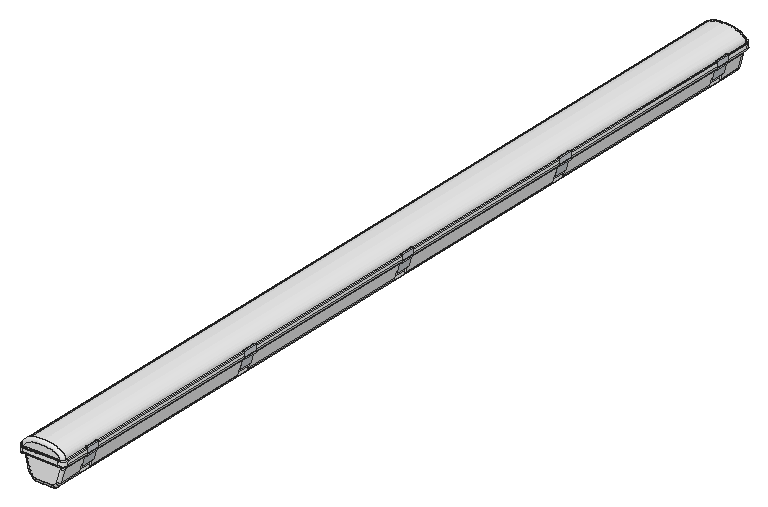
Revit family "0048807 Sylvania Lighting Fixture HYDROPROOF LED G3 1500MM S 4K D E3", category Lighting Fixtures, host Face, Revit 2016
Family settings
  Host = Face
  Part Type = Normal
  Round Connector Dimension = Use Diameter
  OmniClass Number = 23.80.70.11.14
  OmniClass Title = General Luminaries, Directional
  Cut with Voids When Loaded = No
  Light Source = Yes
  Shared = No
  Room Calculation Point = No
Parameters (values of type "0048807 HYDROPROOF LED G3 1500MM S 4K D E3")
  Width = 84 mm
  Weight = "2.62 kg"
  Wattage Comments = "n/a"
  Wattage = 34 W
  WarrantyStartDate [instance] = "n/a"
  WarrantyGuarantorParts = "n/a"
  WarrantyDurationUnit = "n/a"
  WarrantyDurationParts = "n/a"
  WarrantyDescription = "n/a"
  built-in parameter 1150110 = 1 (stored number, unit not read)
  Voltage = 230 V
  URL = "http://www.sylvania-lighting.com"
  TypeName = "HYDROPROOF LED G3 1500MM S 4K D E3"
  Type Image = <None>
  Type Comments = "n/a"
  built-in parameter 1114217 = 1 (stored number, unit not read)
  Tilt Angle = -90.00°
  built-in parameter 1150109 = 1 (stored number, unit not read)
  built-in parameter 1150134 = 12
  built-in parameter 1150113 = 1 (stored number, unit not read)
  SerialNumber [instance] = "n/a"
  ReflectorMaterial = none
  PowerFactor = 0
  PowerConsumption = "34 W"
  Photometric Web File = "0048807.ies"
  NominalWidth = 0 mm
  NominalLength = 1578 mm
  NominalHeight = 75 mm
  Name = "HYDROPROOF LED G3 1500MM S 4K D E3"
  ModelReference = "HYDROPROOF LED G3 1500MM S 4K D E3"
  ModelNumber = "0048807"
  Model = "HYDROPROOF LED G3 1500MM S 4K D E3"
  Material = "grp housing, pmma diffuser"
  ManufacturerName = "Feilo Sylvania"
  Manufacturer = "Feilo Sylvania"
  LuminousEfficacy = "145 lm/W"
  built-in parameter 1150105 = 392.32 (stored number, unit not read)
  Lumens = 4930 lm
  LuminaireType = ""
  built-in parameter 1150115 = 1 (stored number, unit not read)
  LightOutputRatio = "n/a"
  built-in parameter 1150137 = (empty or 0)
  built-in parameter 1150139 = (empty or 0)
  Length = 1572 mm
  LampsType = Lamp  # "LED"
  LampNominalLuminous = "4950 lm"
  LampMacAdamStep = "3"
  LampColourTemperature = "4000 K"
  LampColourRenderingIndex = "80"
  built-in parameter 1150112 = 1 (stored number, unit not read)
  built-in parameter 1150114 = 1 (stored number, unit not read)
  Lamp = "LED"
  Keynote = "16500"
  InstallationDate [instance] = "n/a"
  InputVoltage = "220-240V~"
  InputNominalFrequency = "DC/50/60 Hz"
  built-in parameter 1150132 = (empty or 0)
  built-in parameter 1150102 = (empty or 0)
  built-in parameter 1150107 = 4000 (stored number, unit not read)
  built-in parameter 1150138 = (empty or 0)
  IngressProtection = "IP65"
  ImpactProtectionIndex = "IK02"
  built-in parameter 1150106 = 3.9232 (stored number, unit not read)
  IfcExportType = "IfcLightFixtureType"
  IfcExportAs = "IfcLightFixtureType"
  ExpectedLife = 50000
  Emit from Rectangle Width = Width - 20 mm  # 64 mm
  Emit from Rectangle Length = Length - 20 mm  # 1552 mm
  Emit Shape Visible in Rendering = no
  ElectricShockClassification = "Class I"
  built-in parameter 1150104 = 13.471 (stored number, unit not read)
  DurationUnit = "hours"
  DocumentationLiterature = "http://www.sylvania-lighting.com/product/en-int/products/0048807"
  DimmingControlOptions = "Dimmable"
  Dimming Lamp Color Temperature Shift = <None>
  DiffuserMaterial = Diffuser-Sylvania-Transparent
  Description = "Hydroproof, integrated LED chemical resistant weatherproof luminaire, with UV stabilized flat diffuser and linear prisms designed to achieve uniform lit appearance, optimise light output and to reduce glare, stainless steel diffuser clips and fixing brackets for surface and wall mounting. L 1578 mm x W 84 mm x H 75 mm size, GRP housing, PMMA diffuser, DALI dimmable, 3 hour emergency, 4000K, CRI80,  4950 lm, 34 W, 145 lm/W, nominal average life (h):50000, energy class: A++ A+ A Class I,IK02, IP65."
  Default Elevation = 1219.2 mm
  CreatedOn = "3/27/2018"
  CreatedBy = "aron.fodor@feilosylvania.com"
  Cost = 0
  Color Filter = 16777215
  built-in parameter 1114216 [instance] = (empty or 0)
  ClassificationValue = "EF_70_80"
  ClassificationName = "Uniclass2015"
  BodyMaterial = Body-Sylvania-Gray
  BarCode [instance] = "n/a"
  built-in parameter 1114218 = 1 (stored number, unit not read)
  built-in parameter 1150133 = 10 (stored number, unit not read)
  AssetType = "Fixed"
  AssetIdentifier [instance] = "n/a"
  Assembly Code = "D5020200"
  Apparent Load = 34 VA
  AccessoryMaterial = Diffuser-Sylvania-Glow
Types (2, lengths in mm): name | Wattage | PowerConsumption | Photometric Web File | built-in parameter 1150105 | Lumens | LampNominalLuminous | built-in parameter 1150106 | Apparent Load
  0048807 HYDROPROOF LED G3 1500MM S 4K D E3 | 34 W | "34 W" | "0048807.ies" | 392.32 (stored number, unit not read) | 4930 lm | "4950 lm" | 3.9232 (stored number, unit not read) | 34 VA
  0048807 HYDROPROOF LED G3 1500MM S 4K D E3 Emergency mode | 1.65517 W | "1.65 W" | "0048807EM.ies" | 19.099 (stored number, unit not read) | 240 lm | "240 lm" | 0.19099 (stored number, unit not read) | 1.65517 VA
Reference planes
  plane 1 "Center (Front/Back)": y = 0
  plane 2: z = 0
  plane 3 "Center (Left/Right)": x = 0
  plane 4: z = 54
  plane 5: x = -14.7
  plane 6: x = -21.8
  plane 7: x = -26.6
  plane 8: x = -29.2
  plane 9: z = 3
  plane 10: z = 7.8
  plane 11: z = 12.3
  plane 12: z = 36.6
  plane 13: z = 42.8
  plane 14: x = -38.1
  plane 15: z = 46.2
  plane 16: x = -42
  plane 17: y = 786
  plane 18: y = -786
  plane 19: x = 14.7
  plane 20: x = 21.8
  plane 21: x = 26.6
  plane 22: x = 29.2
  plane 23: x = 38.1
  plane 24: x = 42
  plane 25: y = 778.4
  plane 26: y = -778.4
  plane 27: y = -774.7
  plane 28: y = 774.7
  plane 29: z = 74
  plane 30: x = -38.5
  plane 31: x = 38.5
  plane 32: z = 55.2
  plane 33: y = -782.5
  plane 34: y = 782.5
  plane 35: x = -24.5
  plane 36: x = 24.5
  plane 37: x = -35.7
  plane 38: x = 35.7
  plane 39: z = 50.2
  plane 40: z = 24.6
  plane 41: y = -720
  plane 42: y = -734
  plane 43: y = -706
  plane 44: y = 720
  plane 45: y = -720
  plane 46: y = -734
  plane 47: y = -706
  plane 48: y = 720
  plane 49: y = 706
  plane 50: y = 734
  plane 51: y = -360
  plane 52: y = -374
  plane 53: y = -346
  plane 54: y = 0
  plane 55: y = -14
  plane 56: y = 14
  plane 57: y = 360
  plane 58: y = 346
  plane 59: y = 374
Forms (mm)
  Sweep 1, solid, material "Body-Sylvania-Gray" <- "BodyMaterial", detail levels medium+fine
    path origin (1223.4, -4572, 54) x (0, -1, 0) y (1, 0, 0)
      loop
        arc (-3796, -1265.4) -> (-3788.929, -1262.471) -> (-3786, -1255.4) r 10
        line (-3786, -1255.4) -> (-3786, -1191.4)
        arc (-3786, -1191.4) -> (-3788.929, -1184.329) -> (-3796, -1181.4) r 10
        line (-3796, -1181.4) -> (-5348, -1181.4)
        arc (-5348, -1181.4) -> (-5355.071, -1184.329) -> (-5358, -1191.4) r 10
        line (-5358, -1191.4) -> (-5358, -1255.4)
        arc (-5358, -1255.4) -> (-5355.071, -1262.471) -> (-5348, -1265.4) r 10
        line (-5348, -1265.4) -> (-3796, -1265.4)
    profile origin (-42, 0, 54) x (-1, 0, 0) y (0, 0, 1)
      loop
        line (0, 0) -> (-1, 0) -> (-1, -7.726)
        arc (-1, -7.726) -> (-1.994, -9.498) -> (-3.9, -10.2) r 2.937
        line (-3.9, -10.2) -> (-8.571, -10.2) -> (-8.571, -11.2) -> (-3.9, -11.2)
        arc (-3.9, -11.2) -> (-1.313, -10.231) -> (0, -7.8) r 3.937
        line (0, -7.8) -> (0, 0)
  Sweep 2, solid, material "Body-Sylvania-Gray" <- "BodyMaterial", detail levels medium+fine
    path origin (0, 0, 0) x (1, 0, 0) y (0, 0, 1)
      loop
        line (35.7, 42.8) -> (35.7, 36.6) -> (29.203, 12.31)
        arc (29.203, 12.31) -> (28.199, 9.884) -> (26.6, 7.8) r 10.052
        line (26.6, 7.8) -> (21.8, 3)
        arc (21.8, 3) -> (18.554, 0.781) -> (14.7, 0) r 9.902
        line (14.7, 0) -> (0, 0) -> (-14.7, 0)
        arc (-14.7, 0) -> (-18.554, 0.781) -> (-21.8, 3) r 9.902
        line (-21.8, 3) -> (-26.6, 7.8)
        arc (-26.6, 7.8) -> (-28.199, 9.884) -> (-29.203, 12.31) r 10.052
        line (-29.203, 12.31) -> (-35.7, 36.6) -> (-35.7, 42.8)
    profile origin (0, 0, 0) x (0, 0, -1) y (0, -1, 0)
      loop
        arc (0, 773.4) -> (-1.464, 776.936) -> (-5, 778.4) r 5
        line (-5, 778.4) -> (-7.8, 778.4) -> (-7.8, -778.4) -> (-5, -778.4)
        arc (-5, -778.4) -> (-1.464, -776.936) -> (0, -773.4) r 5
        line (0, -773.4) -> (0, 773.4)
  Extrusion 3, solid, material "Body-Sylvania-Gray" <- "BodyMaterial", detail levels medium+fine
    sketch origin (1524, 778.4, 1219.2) x (1, 0, 0) y (0, 0, 1)
      loop
        arc (-1545.668, -1204.874) -> (-1545.443, -1205.418) -> (-1545.085, -1205.885) r 2.252
        line (-1545.085, -1205.885) -> (-1540.231, -1210.738)
        arc (-1540.231, -1210.738) -> (-1539.534, -1211.227) -> (-1538.7, -1211.4) r 2.102
        line (-1538.7, -1211.4) -> (-1509.3, -1211.4)
        arc (-1509.3, -1211.4) -> (-1508.466, -1211.227) -> (-1507.769, -1210.738) r 2.102
        line (-1507.769, -1210.738) -> (-1502.915, -1205.885)
        arc (-1502.915, -1205.885) -> (-1502.557, -1205.418) -> (-1502.332, -1204.874) r 2.252
        line (-1502.332, -1204.874) -> (-1496.1, -1181.575) -> (-1496.1, -1176.4) -> (-1551.9, -1176.4) -> (-1551.9, -1181.575) -> (-1545.668, -1204.874)
    from 0 to 1556.8
  Sweep 4, solid, material "Diffuser-Sylvania-Transparent" <- "DiffuserMaterial", detail levels medium+fine
    path origin (0, 0, 0) x (1, 0, 0) y (0, 0, 1)
      loop
        spline (-38.5, 55.2) -> (-37.188, 60.066) -> (-33.342, 64.6) -> (-27.224, 68.494) -> (-19.25, 71.481) -> (-9.965, 73.359) -> (0, 74) -> (9.965, 73.359) -> (19.25, 71.481) -> (27.224, 68.494) -> (33.342, 64.6) -> (37.188, 60.066) -> (38.5, 55.2)
    profile origin (38.5, 0, 55.2) x (0, -1, 0) y (1, 0, 0)
      loop
        arc (782.5, -5.5) -> (780.889, -1.611) -> (777, 0) r 5.5
        line (777, 0) -> (-777, 0)
        arc (-777, 0) -> (-780.889, -1.611) -> (-782.5, -5.5) r 5.5
        line (-782.5, -5.5) -> (-782.5, -6.3) -> (-781.5, -6.3) -> (-781.5, -5.5)
        arc (-781.5, -5.5) -> (-780.182, -2.318) -> (-777, -1) r 4.5
        line (-777, -1) -> (777, -1)
        arc (777, -1) -> (780.182, -2.318) -> (781.5, -5.5) r 4.5
        line (781.5, -5.5) -> (781.5, -6.347) -> (782.5, -6.347) -> (782.5, -5.5)
  Extrusion 5, solid, material "Diffuser-Sylvania-Transparent" <- "DiffuserMaterial", detail levels medium+fine
    sketch origin (1524, -782.5, 1219.2) x (1, 0, 0) y (0, 0, 1)
      loop
        line (-1556.653, -1164) -> (-1491.347, -1164)
        spline (-1491.347, -1164) -> (-1491.939, -1161.945) -> (-1494.434, -1159.066) -> (-1499.342, -1155.96) -> (-1506.338, -1153.35) -> (-1514.799, -1151.648) -> (-1524, -1151.047) -> (-1533.201, -1151.648) -> (-1541.662, -1153.35) -> (-1548.658, -1155.96) -> (-1553.566, -1159.066) -> (-1556.061, -1161.945) -> (-1556.653, -1164)
    from 0 to -1
  Extrusion 6, solid, material "Diffuser-Sylvania-Transparent" <- "DiffuserMaterial", detail levels medium+fine
    sketch origin (1524, 782.5, 1219.2) x (1, 0, 0) y (0, 0, 1)
      loop
        spline (-1491.3, -1164) -> (-1491.898, -1161.922) -> (-1494.404, -1159.03) -> (-1499.322, -1155.918) -> (-1506.325, -1153.305) -> (-1514.793, -1151.602) -> (-1524, -1151) -> (-1533.207, -1151.602) -> (-1541.675, -1153.305) -> (-1548.678, -1155.918) -> (-1553.596, -1159.03) -> (-1556.102, -1161.922) -> (-1556.7, -1164)
        line (-1556.7, -1164) -> (-1491.3, -1164)
    from 0 to 1
  Extrusion 7, solid, material "Diffuser-Sylvania-Glow" <- "AccessoryMaterial", detail levels fine
    sketch origin (0, 0, 0) x (1, 0, 0) y (0, 0, 1)
      loop
        circle (0, 50.2) r 8
    from -774.7 to 774.7
  Extrusion 8, void
    sketch origin (0, -720, 2343.807) x (0, 0, -1) y (-1, 0, 0)
      loop
        line (2340.807, -24.5) -> (2331.507, -24.5) -> (2319.207, -29.2) -> (2319.207, -35.7) -> (2340.807, -35.7) -> (2340.807, -24.5)
      loop
        line (2340.807, 24.5) -> (2340.807, 35.7) -> (2319.207, 35.7) -> (2319.207, 29.2) -> (2331.507, 24.5) -> (2340.807, 24.5)
    from 14 to -14
  Extrusion 9, void, not visible
    sketch origin (0, -720, 2343.807) x (0, 0, -1) y (-1, 0, 0)
      loop
        line (2340.807, -24.5) -> (2331.507, -24.5) -> (2319.207, -29.2) -> (2319.207, -35.7) -> (2340.807, -35.7) -> (2340.807, -24.5)
      loop
        line (2340.807, 24.5) -> (2340.807, 35.7) -> (2319.207, 35.7) -> (2319.207, 29.2) -> (2331.507, 24.5) -> (2340.807, 24.5)
    from 14 to -14
  Extrusion 10, void
    sketch origin (0, 720, 2343.807) x (0, 0, -1) y (-1, 0, 0)
      loop
        line (2340.807, -24.5) -> (2331.507, -24.5) -> (2319.207, -29.2) -> (2319.207, -35.7) -> (2340.807, -35.7) -> (2340.807, -24.5)
      loop
        line (2340.807, 24.5) -> (2340.807, 35.7) -> (2319.207, 35.7) -> (2319.207, 29.2) -> (2331.507, 24.5) -> (2340.807, 24.5)
    from 14 to -14
  Extrusion 11, void
    sketch origin (0, -360, 2343.807) x (0, 0, -1) y (-1, 0, 0)
      loop
        line (2340.807, -24.5) -> (2331.507, -24.5) -> (2319.207, -29.2) -> (2319.207, -35.7) -> (2340.807, -35.7) -> (2340.807, -24.5)
      loop
        line (2340.807, 24.5) -> (2340.807, 35.7) -> (2319.207, 35.7) -> (2319.207, 29.2) -> (2331.507, 24.5) -> (2340.807, 24.5)
    from 14 to -14
  Extrusion 12, void
    sketch origin (0, 0, 2343.807) x (0, 0, -1) y (-1, 0, 0)
      loop
        line (2340.807, -24.5) -> (2331.507, -24.5) -> (2319.207, -29.2) -> (2319.207, -35.7) -> (2340.807, -35.7) -> (2340.807, -24.5)
      loop
        line (2340.807, 24.5) -> (2340.807, 35.7) -> (2319.207, 35.7) -> (2319.207, 29.2) -> (2331.507, 24.5) -> (2340.807, 24.5)
    from 14 to -14
  Extrusion 13, void
    sketch origin (0, 360, 2343.807) x (0, 0, -1) y (-1, 0, 0)
      loop
        line (2340.807, -24.5) -> (2331.507, -24.5) -> (2319.207, -29.2) -> (2319.207, -35.7) -> (2340.807, -35.7) -> (2340.807, -24.5)
      loop
        line (2340.807, 24.5) -> (2340.807, 35.7) -> (2319.207, 35.7) -> (2319.207, 29.2) -> (2331.507, 24.5) -> (2340.807, 24.5)
    from 14 to -14
  Extrusion 14, solid, material "Diffuser-Sylvania-Transparent" <- "DiffuserMaterial", detail levels medium+fine
    sketch origin (1223.4, -4572, 54) x (0, -1, 0) y (-1, 0, 0)
      loop
        arc (-5348, 1265.4) -> (-5355.071, 1262.471) -> (-5358, 1255.4) r 10
        line (-5358, 1255.4) -> (-5358, 1191.4)
        arc (-5358, 1191.4) -> (-5355.071, 1184.329) -> (-5348, 1181.4) r 10
        line (-5348, 1181.4) -> (-3796, 1181.4)
        arc (-3796, 1181.4) -> (-3788.929, 1184.329) -> (-3786, 1191.4) r 10
        line (-3786, 1191.4) -> (-3786, 1255.4)
        arc (-3786, 1255.4) -> (-3788.929, 1262.471) -> (-3796, 1265.4) r 10
        line (-3796, 1265.4) -> (-5348, 1265.4)
      loop
        arc (-5354.5, 1190.394) -> (-5352.887, 1186.509) -> (-5349, 1184.9) r 5.5
        line (-5349, 1184.9) -> (-3795, 1184.9)
        arc (-3795, 1184.9) -> (-3791.113, 1186.509) -> (-3789.5, 1190.394) r 5.5
        line (-3789.5, 1190.394) -> (-3789.5, 1256.406)
        arc (-3789.5, 1256.406) -> (-3791.113, 1260.291) -> (-3795, 1261.9) r 5.5
        line (-3795, 1261.9) -> (-5349, 1261.9)
        arc (-5349, 1261.9) -> (-5352.887, 1260.291) -> (-5354.5, 1256.406) r 5.5
        line (-5354.5, 1256.406) -> (-5354.5, 1190.394)
    from 0 to -1.2
  Extrusion 15, solid, material "Body-Sylvania-Gray" <- "BodyMaterial", detail levels coarse
    sketch origin (0, 0, 0) x (1, 0, 0) y (0, 0, 1)
      loop
        line (-42, 55.2) -> (-42, 42.8) -> (-26.6, 0) -> (26.6, 0) -> (42, 42.8) -> (42, 55.2) -> (-42, 55.2)
    from -786 to 786
  Extrusion 16, solid, material "Diffuser-Sylvania-Transparent" <- "DiffuserMaterial", detail levels coarse
    sketch origin (0, 0, 0) x (1, 0, 0) y (0, 0, 1)
      loop
        line (-38.5, 55.2) -> (38.5, 55.2)
        arc (38.5, 55.2) -> (0, 74) -> (-38.5, 55.2) r 48.822
    from -778.4 to 778.4
Cuts and joins
  Extrusion 8, Extrusion 10, Extrusion 11, Extrusion 12, Extrusion 13 cuts Sweep 2
  Extrusion 8, Extrusion 10, Extrusion 11, Extrusion 12, Extrusion 13 cuts Extrusion 3
  joined: Sweep 2, Extrusion 3
  joined: Sweep 4, Extrusion 5, Extrusion 6, Extrusion 14
Dimensions and locks
  locked: plane 4 to plane 2 at 54
  plane 5 to plane 6 to plane 7 to plane 8 to plane 14 to plane 16 = 7.1 mm locked, 4.8 mm locked, 2.6 mm locked, 8.9 mm locked, 3.9 mm locked
  plane 4 to plane 15 to plane 13 to plane 12 to plane 11 to plane 10 to plane 9 = 7.8 mm locked, 3.4 mm, 6.2 mm locked, 24.3 mm locked, 4.5 mm locked, 4.8 mm locked
  equal spacing: plane 18, plane 1 "Center (Front/Back)", plane 17
  "Length": plane 18 to plane 17
  plane 19 to plane 20 to plane 21 to plane 22 to plane 23 to plane 24 = 7.1 mm locked, 4.8 mm locked, 2.6 mm locked, 8.9 mm, 3.9 mm
  equal spacing: plane 24, plane 3 "Center (Left/Right)", plane 16
  "Width": plane 24 to plane 16
  equal spacing: plane 27, plane 1 "Center (Front/Back)", plane 28
  locked: plane 26 to plane 27 at 3.7
  locked: Sweep 1 sketch curve to profile plane at 1
  locked: Sweep 1 sketch curve to plane 13 at 1
  locked: Sweep 1 sketch curve to plane 13 at 3.937  (x2)
  locked: Sweep 1 sketch curve to profile plane at 3.9  (x2)
  plane 29 to plane 4 = 20 mm
  equal spacing: plane 31, plane 3 "Center (Left/Right)", plane 30
  locked: plane 30 to plane 16 at 3.5
  locked: plane 32 to plane 4 at 1.2
  equal spacing: plane 33, plane 1 "Center (Front/Back)", plane 34
  equal spacing: plane 36, plane 3 "Center (Left/Right)", plane 35
  locked: plane 34 to plane 17 at 3.5
  equal spacing: plane 38, plane 3 "Center (Left/Right)", plane 37
  locked: plane 37 to plane 16 at 6.3
  equal spacing: plane 25, plane 1 "Center (Front/Back)", plane 26
  locked: plane 17 to plane 25 at 7.6
  locked: Sweep 2 sketch curve to plane 2 at 5  (x2)
  locked: Sweep 2 sketch curve to plane 26 at 5
  locked: plane 25 to Sweep 2 sketch curve at 5
  locked: Sweep 4 sketch curve to plane 31 at 5.5  (x2)
  locked: Sweep 4 sketch curve to plane 34 at 5.5
  plane 33 to Sweep 4 sketch curve = 5.5 mm
  locked: plane 34 to Sweep 4 sketch curve at 1
  locked: Sweep 4 sketch curve to plane 31 at 1
  locked: Sweep 4 sketch curve to Sweep 4 sketch curve at 1
  locked: Sweep 4 sketch curve to plane 31 at 6.347
  locked: Sweep 4 sketch curve to plane 31 at 6.3
  locked: plane 40 to plane 2 at 24.6
  locked: plane 6 to plane 35 at 2.7
  locked: plane 1 "Center (Front/Back)" to plane 41 at 720
  plane 43 to plane 41 to plane 42 = 14 mm locked, 14 mm locked
  locked: plane 44 to plane 1 "Center (Front/Back)" at 720
  plane 47 to plane 45 to plane 46 = 14 mm locked, 14 mm locked
  plane 50 to plane 48 to plane 49 = 14 mm locked, 14 mm locked  (x2)
  equal spacing: group 1, group 6, group 7, group 8, group 5  (x3)
  plane 53 to plane 51 to plane 52 = 14 mm locked, 14 mm locked  (x2)
  plane 56 to plane 54 to plane 55 = 14 mm locked, 14 mm locked  (x2)
  plane 59 to plane 57 to plane 58 = 14 mm locked, 14 mm locked  (x2)
  plane 48 to plane 57 to plane 1 "Center (Front/Back)" to plane 51 to plane 41 = 360 mm locked, 360 mm locked, 360 mm locked, 360 mm locked
  aligned and locked: plane 2 to host face
  aligned and locked: level to host face
  aligned and locked: plane 16 to Sweep 1 sketch curve
  aligned and locked: Sweep 1 sketch curve to plane 24
  aligned and locked: plane 18 to Sweep 1 sketch curve
  aligned and locked: Sweep 1 sketch curve to plane 13
  aligned and locked: profile plane to Sweep 1 sketch curve
  aligned and locked: plane 3 "Center (Left/Right)" to Sweep 2 sketch curve
  aligned and locked: plane 9 to Sweep 2 sketch curve
  aligned and locked: plane 10 to Sweep 2 sketch curve
  aligned and locked: plane 37 to Sweep 2 sketch curve
  aligned and locked: plane 12 to Sweep 2 sketch curve
  aligned and locked: Sweep 2 sketch curve to level
  aligned and locked: plane 21 to Sweep 2 sketch curve
  aligned and locked: plane 38 to Sweep 2 sketch curve
  aligned and locked: profile plane to Sweep 2 sketch curve
  aligned and locked: plane 25 to Sweep 2 sketch curve
  aligned and locked: Sweep 2 sketch curve to plane 10
  aligned and locked: Extrusion 3 sketch curve to Sweep 2  (x7)
  aligned and locked: Sweep 2 to Extrusion 3 sketch curve
  aligned and locked: Extrusion 3 to plane 25
  aligned and locked: plane 26 to Extrusion 3
  aligned and locked: plane 32 to Sweep 4 sketch curve
  aligned and locked: plane 33 to Sweep 4 sketch curve
  aligned and locked: Sweep 4 to Extrusion 5
  aligned and locked: plane 33 to Extrusion 5
  aligned and locked: plane 39 to Extrusion 7 sketch curve
  aligned and locked: plane 27 to Extrusion 7
  aligned and locked: Extrusion 7 to plane 28
  aligned and locked: Extrusion 6 sketch curve to Sweep 4
  aligned and locked: Extrusion 5 sketch curve to Sweep 4
  aligned and locked: Extrusion 8 to plane 43
  aligned and locked: plane 42 to Extrusion 8
  aligned and locked: Extrusion 10 to plane 50
  aligned and locked: plane 49 to Extrusion 10
  aligned and locked: Extrusion 11 to plane 53
  aligned and locked: plane 52 to Extrusion 11
  aligned and locked: Extrusion 12 to plane 56
  aligned and locked: plane 55 to Extrusion 12
  aligned and locked: Extrusion 13 to plane 59
  aligned and locked: plane 58 to Extrusion 13
  aligned and locked: plane 3 "Center (Left/Right)" to Extrusion 7 sketch curve
  aligned and locked: Extrusion 14 sketch curve to Sweep 1  (x4)
  aligned and locked: Extrusion 14 to plane 32
  aligned and locked: plane 4 to Extrusion 14
  aligned and locked: plane 48 to nested 1
  aligned and locked: plane 57 to nested 2
  aligned and locked: plane 54 to nested 3
  aligned and locked: nested 4 to plane 51
  aligned and locked: nested 5 to plane 41
  aligned and locked: plane 41 to nested 10
  aligned and locked: plane 51 to nested 9
  aligned and locked: plane 54 to nested 8
  aligned and locked: plane 57 to nested 7
  aligned and locked: plane 48 to nested 6
  aligned and locked: plane 1 "Center (Front/Back)" to imposter light
  aligned and locked: plane 3 "Center (Left/Right)" to imposter light
  aligned and locked: imposter light to plane 29
  aligned and locked: plane 7 to Extrusion 15 sketch curve
  aligned and locked: plane 2 to Extrusion 15 sketch curve
  aligned and locked: Extrusion 15 sketch curve to nested 6
  aligned and locked: Extrusion 15 sketch curve to nested 1
  aligned and locked: plane 18 to Extrusion 15
  aligned and locked: Extrusion 15 to plane 17
  aligned and locked: Extrusion 15 to Sweep 1  (x2)
  aligned and locked: plane 30 to Extrusion 16 sketch curve
  aligned and locked: plane 31 to Extrusion 16 sketch curve
  aligned and locked: Extrusion 16 sketch curve to cut or joined group of Sweep 4, Extrusion 5, Extrusion 6, Extrusion 14
  aligned and locked: Extrusion 16 to plane 25
  aligned and locked: plane 26 to Extrusion 16
Automatic sketch dimensions
  host sketch curve to host sketch curve = 2438.4 mm  (x2)
  plane 17 to Sweep 1 sketch curve = 0 mm
  Sweep 1 sketch curve to plane 28 = 1.3 mm
  Sweep 1 sketch curve to plane 7 = 5.4 mm
  plane 27 to Sweep 1 sketch curve = 1.3 mm  (x2)
  Sweep 1 sketch curve to Sweep 1 sketch curve = 4.671 mm
  Sweep 1 sketch curve to plane 4 = 0 mm
  Sweep 2 sketch curve to plane 7 = 0 mm
  Sweep 2 sketch curve to plane 6 = 0 mm
  Sweep 2 sketch curve to plane 5 = 0 mm
  plane 19 to Sweep 2 sketch curve = 0 mm
  Sweep 2 sketch curve to plane 9 = 0 mm
  plane 20 to Sweep 2 sketch curve = 0 mm
  Sweep 2 sketch curve to plane 12 = 0 mm
  Sweep 2 sketch curve to plane 10 = 0 mm
  Sweep 2 sketch curve to plane 13 = 0 mm  (x2)
  Sweep 2 sketch curve to plane 8 = 0.003 mm
  plane 6 to Sweep 2 sketch curve = 2.308 mm
  plane 20 to Sweep 2 sketch curve = 2.308 mm
  Sweep 2 sketch curve to plane 22 = 0.003 mm
  Sweep 2 sketch curve to plane 11 = 0.01 mm  (x2)
  Extrusion 3 sketch curve to plane 5 = 0 mm
  plane 19 to Extrusion 3 sketch curve = 0 mm
  plane 6 to Extrusion 3 sketch curve = 0.132 mm
  plane 6 to Extrusion 3 sketch curve = 0.715 mm
  Extrusion 3 sketch curve to Extrusion 3 sketch curve = 1.592 mm
  Extrusion 3 sketch curve to plane 10 = 0.662 mm  (x2)
  plane 20 to Extrusion 3 sketch curve = 2.308 mm
  plane 20 to Extrusion 3 sketch curve = 0.715 mm
  plane 20 to Extrusion 3 sketch curve = 0.132 mm
  Sweep 4 sketch curve to plane 30 = 0 mm
  Sweep 4 sketch curve to plane 3 "Center (Left/Right)" = 0 mm
  Sweep 4 sketch curve to Sweep 4 sketch curve = 0 mm  (x2)
  plane 37 to Extrusion 6 sketch curve = 3 mm
  Extrusion 6 sketch curve to plane 38 = 3 mm
  plane 37 to Extrusion 5 sketch curve = 3.047 mm
  Extrusion 5 sketch curve to plane 38 = 3.047 mm
  Extrusion 8 sketch curve to Extrusion 8 sketch curve = 0 mm
  Extrusion 8 sketch curve to Extrusion 8 sketch curve = 12.3 mm  (x2)
  Extrusion 8 sketch curve to Extrusion 8 sketch curve = 9.3 mm  (x2)
  Extrusion 8 sketch curve to Extrusion 8 sketch curve = 6.5 mm  (x2)
  Extrusion 8 sketch curve to Extrusion 8 sketch curve = 4.7 mm  (x2)
  Extrusion 8 sketch curve to Extrusion 8 sketch curve = 49 mm
  Extrusion 9 sketch curve to Extrusion 9 sketch curve = 0 mm
  Extrusion 9 sketch curve to Extrusion 9 sketch curve = 12.3 mm  (x2)
  Extrusion 9 sketch curve to Extrusion 9 sketch curve = 9.3 mm  (x2)
  Extrusion 9 sketch curve to Extrusion 9 sketch curve = 6.5 mm  (x2)
  Extrusion 9 sketch curve to Extrusion 9 sketch curve = 4.7 mm  (x2)
  Extrusion 9 sketch curve to Extrusion 9 sketch curve = 49 mm
  Extrusion 10 sketch curve to Extrusion 10 sketch curve = 0 mm
  Extrusion 10 sketch curve to Extrusion 10 sketch curve = 12.3 mm  (x2)
  Extrusion 10 sketch curve to Extrusion 10 sketch curve = 9.3 mm  (x2)
  Extrusion 10 sketch curve to Extrusion 10 sketch curve = 6.5 mm  (x2)
  Extrusion 10 sketch curve to Extrusion 10 sketch curve = 4.7 mm  (x2)
  Extrusion 10 sketch curve to Extrusion 10 sketch curve = 49 mm
  Extrusion 11 sketch curve to Extrusion 11 sketch curve = 0 mm
  Extrusion 11 sketch curve to Extrusion 11 sketch curve = 12.3 mm  (x2)
  Extrusion 11 sketch curve to Extrusion 11 sketch curve = 9.3 mm  (x2)
  Extrusion 11 sketch curve to Extrusion 11 sketch curve = 6.5 mm  (x2)
  Extrusion 11 sketch curve to Extrusion 11 sketch curve = 4.7 mm  (x2)
  Extrusion 11 sketch curve to Extrusion 11 sketch curve = 49 mm
  Extrusion 12 sketch curve to Extrusion 12 sketch curve = 0 mm
  Extrusion 12 sketch curve to Extrusion 12 sketch curve = 12.3 mm  (x2)
  Extrusion 12 sketch curve to Extrusion 12 sketch curve = 9.3 mm  (x2)
  Extrusion 12 sketch curve to Extrusion 12 sketch curve = 6.5 mm  (x2)
  Extrusion 12 sketch curve to Extrusion 12 sketch curve = 4.7 mm  (x2)
  Extrusion 12 sketch curve to Extrusion 12 sketch curve = 49 mm
  Extrusion 13 sketch curve to Extrusion 13 sketch curve = 0 mm
  Extrusion 13 sketch curve to Extrusion 13 sketch curve = 12.3 mm  (x2)
  Extrusion 13 sketch curve to Extrusion 13 sketch curve = 9.3 mm  (x2)
  Extrusion 13 sketch curve to Extrusion 13 sketch curve = 6.5 mm  (x2)
  Extrusion 13 sketch curve to Extrusion 13 sketch curve = 4.7 mm  (x2)
  Extrusion 13 sketch curve to Extrusion 13 sketch curve = 49 mm
  Extrusion 14 sketch curve to plane 34 = 0 mm
  plane 30 to Extrusion 14 sketch curve = 0 mm
  Extrusion 14 sketch curve to plane 31 = 0 mm
  plane 33 to Extrusion 14 sketch curve = 0 mm
  plane 25 to Extrusion 14 sketch curve = 1.4 mm  (x4)
  Extrusion 14 sketch curve to plane 26 = 1.4 mm  (x4)
  plane 37 to Extrusion 14 sketch curve = 2.694 mm  (x2)
  Extrusion 14 sketch curve to plane 38 = 2.694 mm  (x2)
  plane 21 to Extrusion 15 sketch curve = 0 mm
  Extrusion 15 sketch curve to plane 13 = 0 mm  (x2)
  Extrusion 15 sketch curve to plane 32 = 0 mm
  Extrusion 16 sketch curve to plane 40 = 0.578 mm
  radius of Extrusion 7 sketch curve = 8 mm
Nested families
  nested 1: "Clip" at (-29.2, 720, 24.6) x (-1, 0, 0) z (0, 0, 1), type "Clip", detail levels fine
  nested 2: "Clip" at (-29.2, 360, 24.6) x (-1, 0, 0) z (0, 0, 1), type "Clip", detail levels fine
  nested 3: "Clip" at (-29.2, 0, 24.6) x (-1, 0, 0) z (0, 0, 1), type "Clip", detail levels fine
  nested 4: "Clip" at (-29.2, -360, 24.6) x (-1, 0, 0) z (0, 0, 1), type "Clip", detail levels fine
  nested 5: "Clip" at (-29.2, -720, 24.6) x (-1, 0, 0) z (0, 0, 1), type "Clip", detail levels fine
  nested 6: "Clip" at (29.2, 720, 24.6), type "Clip", detail levels fine
  nested 7: "Clip" at (29.2, 360, 24.6), type "Clip", detail levels fine
  nested 8: "Clip" at (29.2, 0, 24.6), type "Clip", detail levels fine
  nested 9: "Clip" at (29.2, -360, 24.6), type "Clip", detail levels fine
  nested 10: "Clip" at (29.2, -720, 24.6), type "Clip", detail levels fine
Connectors
  electrical at (0, 0, 0), driven by "Apparent Load"
    settings: index 1, voltage 230 V, apparent load 34 VA, apparent load phase1 0 VA, apparent load phase2 0 VA, apparent load phase3 0 VA, power factor 0, load classification "Lighting", number of poles 1, system type 30, power factor state 1, is connector primary yes, connector utility no, sub classification motor no, connector description ""
Definition of nested family "Clip"
  Parameters (values of type "Clip")
    URL = "http://www.feilosylvania.com"
    Type Comments = "n/a"
    Model = "n/a"
    Manufacturer = "Feilo Sylvania"
    Keynote = "n/a"
    Description = "n/a"
    Default Elevation = 1219.2 mm
    Cost = 0
    BodyMaterial = none
    Assembly Code = "n/a"
  Reference planes
    plane 1 "Center (Front/Back)": y = 0
    plane 2: z = 0
    plane 3 "Center (Left/Right)": x = 0
    plane 4: x = 3.3
    plane 5: x = 6.5
    plane 6: x = 8.9
    plane 7: x = 12.8
    plane 8: z = 12
    plane 9: z = 18.2
    plane 10: z = 21.6
    plane 11: z = 30.6
    plane 12: x = 9.3
    plane 13: z = 19.2
    plane 14: z = 16.2
    plane 15: x = 10.1
    plane 16: y = 12
    plane 17: y = -12
  Forms (mm)
    Extrusion 1, solid
      sketch origin (-0.8, 0, 0) x (1, 0, 0) y (0, 1, 0)
        loop
          line (-1219.2, 1219.2) -> (-1219.2, -1219.2) -> (1219.2, -1219.2) -> (1219.2, 1219.2) -> (-1219.2, 1219.2)
      from 0 to -304.8
    Extrusion 2, solid
      sketch origin (0, 0, 0) x (1, 0, 0) y (0, 0, 1)
        loop
          line (8.9, 16.2) -> (4.58, 0) -> (0, 0) -> (0, -0.8) -> (5.195, -0.8) -> (9.603, 15.731) -> (13.6, 18.806) -> (13.6, 30.6)
          arc (13.6, 30.6) -> (11.45, 32.75) -> (9.3, 30.6) r 2.15
          line (9.3, 30.6) -> (10.1, 30.6)
          arc (10.1, 30.6) -> (11.45, 31.95) -> (12.8, 30.6) r 1.35
          line (12.8, 30.6) -> (12.8, 19.2) -> (8.9, 16.2)
      from -12 to 12
  Lines and regions (mm)
    reference lines
      curve 1: line (3.3, 0, 0) -> (6.5, 0, 12)
      curve 2: arc (8.9, 0, 18.2) -> (11.488, 0, 19.169) -> (12.8, 0, 21.6) r 3.934
  Dimensions and locks
    plane 7 to plane 6 to plane 5 to plane 4 to plane 3 "Center (Left/Right)" = 3.9 mm locked, 2.4 mm locked, 3.2 mm locked, 3.3 mm locked
    plane 11 to plane 10 to plane 9 to plane 8 to plane 2 = 9 mm locked, 3.4 mm locked, 6.2 mm locked, 12 mm locked
    locked: plane 7 to plane 12 at 3.5
    locked: plane 13 to plane 9 at 1
    locked: plane 9 to plane 14 at 2
    locked: plane 15 to plane 12 at 0.8
    locked: plane 2 to Extrusion 2 sketch curve at 0.8
    locked: Extrusion 2 sketch curve to Extrusion 2 sketch curve at 0.8  (x3)
    locked: plane 7 to Extrusion 2 sketch curve at 1.35
    equal spacing: plane 17, plane 1 "Center (Front/Back)", plane 16
    locked: plane 1 "Center (Front/Back)" to plane 16 at 12
    aligned and locked: plane 2 to Extrusion 1
    aligned and locked: level to Extrusion 1
    aligned and locked: plane 4 to curve 1
    aligned and locked: plane 5 to curve 1
    aligned and locked: plane 6 to curve 2
    aligned and locked: plane 10 to curve 2
    aligned and locked: plane 14 to Extrusion 2 sketch curve
    aligned and locked: plane 13 to Extrusion 2 sketch curve
    aligned and locked: plane 7 to Extrusion 2 sketch curve
    aligned and locked: plane 3 "Center (Left/Right)" to Extrusion 2 sketch curve
    aligned and locked: Extrusion 2 sketch curve to level
    aligned and locked: Extrusion 2 sketch curve to plane 11
    aligned and locked: plane 11 to Extrusion 2 sketch curve
    aligned and locked: Extrusion 2 to plane 16
    aligned and locked: plane 17 to Extrusion 2
  Automatic sketch dimensions
    Extrusion 1 sketch curve to Extrusion 1 sketch curve = 2438.4 mm  (x2)
    curve 2 to plane 7 = 0 mm
    curve 1 to level = 0 mm
    curve 1 to plane 8 = 0 mm
    curve 2 to plane 9 = 0 mm
    plane 6 to curve 2 = 0.002 mm
    Extrusion 2 sketch curve to Extrusion 2 sketch curve = 0 mm
    Extrusion 2 sketch curve to plane 6 = 0 mm
    plane 4 to Extrusion 2 sketch curve = 1.28 mm
